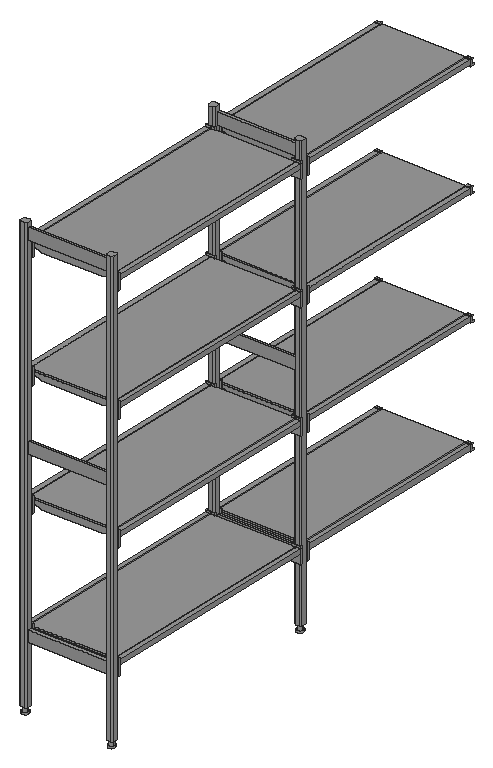
Revit family "QF_ELECTROLUXPROFESSIONAL_137061_ACS1752", category Attrezzature speciali, Revit 2020 (continued)
Definition of nested family "WT_Aggancio373"
  Dimensions and locks
    "Depth": plane 3 "BACK" to plane 4 "FRONT"
    "Dint": plane 7 to plane 8
    equal spacing: plane 7, plane 6 "Center (Front/Back)", plane 8
    equal spacing: plane 3 "BACK", plane 6 "Center (Front/Back)", plane 4 "FRONT"
    plane 9 "FEET" to level = 25.0 mm
    plane 5 "TOP" to plane 9 "FEET" = 1700.0 mm
    plane 10 to plane 9 "FEET" = 250.0 mm
    plane 11 to plane 10 = 450.0 mm
    plane 12 to plane 11 = 450.0 mm
    plane 13 to plane 12 = 450.0 mm
    locked: plane 3 "BACK" to plane 15 "CYBack" at 17.5
    locked: plane 16 "CYFront" to plane 4 "FRONT" at 17.5
    aligned and locked: level to plane 1
    aligned and locked: Extrusion 1 sketch curve to Extrusion 1 sketch curve  (x3)
  Automatic sketch dimensions
    plane 16 "CYFront" to Extrusion 1 sketch curve = 1.478 mm  (x4)
    Extrusion 1 sketch curve to Extrusion 1 sketch curve = 2.0 mm
    plane 8 to Extrusion 1 sketch curve = 3.478 mm  (x4)
    Extrusion 1 sketch curve to plane 10 = 4.006 mm
    Extrusion 1 sketch curve to Extrusion 1 sketch curve = 34.0 mm  (x4)
    Extrusion 1 sketch curve to plane 11 = 4.006 mm
    Extrusion 1 sketch curve to plane 12 = 4.006 mm
    Extrusion 1 sketch curve to plane 13 = 4.006 mm
    Extrusion 1 sketch curve to plane 7 = 37.522 mm  (x4)
    Extrusion 1 sketch curve to plane 7 = 3.522 mm  (x4)
    plane 14 to Extrusion 1 sketch curve = 3.516 mm  (x4)
    plane 14 to Extrusion 1 sketch curve = 1.522 mm  (x4)
    plane 10 to Extrusion 1 sketch curve = 7.998 mm  (x2)
    Extrusion 1 sketch curve to Extrusion 1 sketch curve = 11.498 mm  (x4)
    Extrusion 1 sketch curve to Extrusion 1 sketch curve = 6.499 mm  (x8)
    plane 11 to Extrusion 1 sketch curve = 7.998 mm  (x2)
    plane 12 to Extrusion 1 sketch curve = 7.998 mm  (x2)
    plane 13 to Extrusion 1 sketch curve = 7.998 mm  (x2)
    plane 2 "LEFT" to Extrusion 2 sketch curve = 0.0 mm  (x4)
    plane 13 to Extrusion 2 sketch curve = 7.996 mm
    plane 11 to Extrusion 2 sketch curve = 7.996 mm
    Extrusion 2 sketch curve to Extrusion 2 sketch curve = 5.0 mm  (x4)
    plane 11 to Extrusion 2 sketch curve = 2.494 mm
    plane 10 to Extrusion 2 sketch curve = 28.996 mm
    Extrusion 2 sketch curve to Extrusion 2 sketch curve = 3.0 mm  (x4)
    plane 10 to Extrusion 2 sketch curve = 7.996 mm
    plane 10 to Extrusion 2 sketch curve = 2.494 mm
    Extrusion 2 sketch curve to Extrusion 2 sketch curve = 18.0 mm  (x3)
    plane 12 to Extrusion 2 sketch curve = 2.494 mm
    plane 12 to Extrusion 2 sketch curve = 7.996 mm
    plane 13 to Extrusion 2 sketch curve = 2.494 mm
    plane 2 "LEFT" to Extrusion 3 sketch curve = 0.0 mm  (x4)
    plane 13 to Extrusion 3 sketch curve = 7.996 mm
    plane 11 to Extrusion 3 sketch curve = 7.996 mm
    Extrusion 3 sketch curve to Extrusion 3 sketch curve = 5.0 mm  (x4)
    plane 11 to Extrusion 3 sketch curve = 2.494 mm
    plane 10 to Extrusion 3 sketch curve = 28.996 mm
    Extrusion 3 sketch curve to Extrusion 3 sketch curve = 3.0 mm  (x4)
    plane 10 to Extrusion 3 sketch curve = 7.996 mm
    plane 10 to Extrusion 3 sketch curve = 2.494 mm
    Extrusion 3 sketch curve to Extrusion 3 sketch curve = 18.0 mm  (x3)
    plane 12 to Extrusion 3 sketch curve = 2.494 mm
    plane 12 to Extrusion 3 sketch curve = 7.996 mm
    plane 13 to Extrusion 3 sketch curve = 2.494 mm
    plane 2 "LEFT" to curve 1 = 5.0 mm
    plane 2 "LEFT" to curve 7 = 5.0 mm
    curve 1 to plane 16 "CYFront" = 17.5 mm
    curve 3 to plane 8 = 12.522 mm
    plane 7 to curve 5 = 12.478 mm
    curve 7 to plane 14 = 17.5 mm
    curve 5 to curve 5 = 4.0 mm
    curve 1 to curve 4 = 4.0 mm
    Extrusion 2 sketch curve to Extrusion 2 sketch curve = 4.0 mm  (x4)
    Extrusion 2 sketch curve to Extrusion 2 sketch curve = 8.969 mm  (x4)
    Extrusion 3 sketch curve to Extrusion 3 sketch curve = 4.0 mm  (x4)
    Extrusion 3 sketch curve to Extrusion 3 sketch curve = 8.969 mm  (x4)
